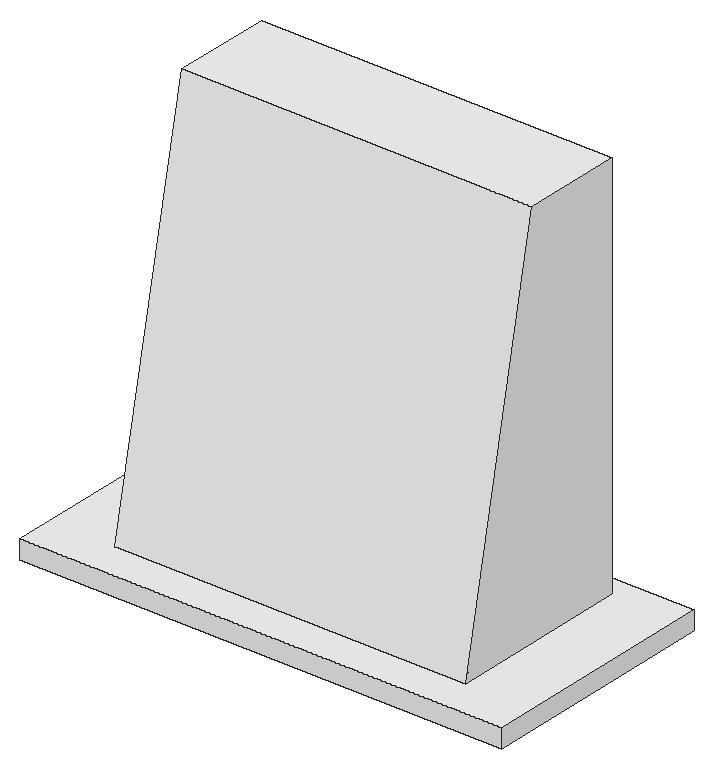
Revit family "NBS_DudleyIndustriesLimited_HandDryers_ModuloHandDryer", category Electrical Fixtures, Revit 2017 (continued)
Dimensions and locks
  locked: plane 6 "Back" to plane 12 at 15.834
  plane 20 to plane 1 "Center (Front/Back)" to plane 17 = 29.048 mm locked, 37.035 mm locked
  plane 18 to plane 3 "Center (Left/Right)" to plane 19 = 84 mm locked, 84 mm locked
  aligned and locked: level to plane 2 "Bottom"
  aligned and locked: plane 11 "Top" to Extrusion 1 sketch curve
  aligned and locked: plane 12 to Extrusion 1 sketch curve
  aligned and locked: plane 9 "LeftBody" to Extrusion 1
  aligned and locked: Extrusion 1 to plane 10 "RightBody"
  aligned and locked: plane 6 "Back" to Sweep 2 sketch curve  (x2)
  aligned and locked: plane 4 "Left" to Sweep 2 sketch curve
  aligned and locked: Sweep 2 sketch curve to plane 7 "Front"
  aligned and locked: Sweep 2 sketch curve to plane 5 "Right"
  aligned and locked: plane 8 "BottomPlate" to Sweep 2 sketch curve
  aligned and locked: plane 17 to Extrusion 3 sketch curve
  aligned and locked: Extrusion 3 sketch curve to plane 18
  aligned and locked: Extrusion 3 sketch curve to plane 20
  aligned and locked: plane 19 to Extrusion 3 sketch curve
  aligned and locked: Extrusion 1 to plane 8 "BottomPlate"
  aligned and locked: profile plane to Sweep 2 sketch curve
  aligned and locked: Extrusion 4 sketch curve to Sweep 2  (x4)
  aligned and locked: cut or joined group of Sweep 2, Extrusion 3, Extrusion 4 to cut or joined group of Sweep 2, Extrusion 3, Extrusion 4
  aligned and locked: Extrusion 5 sketch curve to cut or joined group of Sweep 2, Extrusion 3, Extrusion 4  (x4)
  aligned and locked: Extrusion 6 sketch curve to cut or joined group of Extrusion 3, Extrusion 5  (x3)
  aligned and locked: Extrusion 6 to plane 6 "Back"
  aligned and locked: plane 7 "Front" to Extrusion 6
Connectors
  electrical at (0, 40.398, 330)
    settings: on cut or joined group of Extrusion 1, Extrusion 3, index 1, voltage 0 V, apparent load 0 VA, apparent load phase1 0 VA, apparent load phase2 0 VA, apparent load phase3 0 VA, power factor 1, load classification "Other", number of poles 1, system type 31, power factor state 1, is connector primary yes, connector utility no, sub classification motor no, connector description ""
